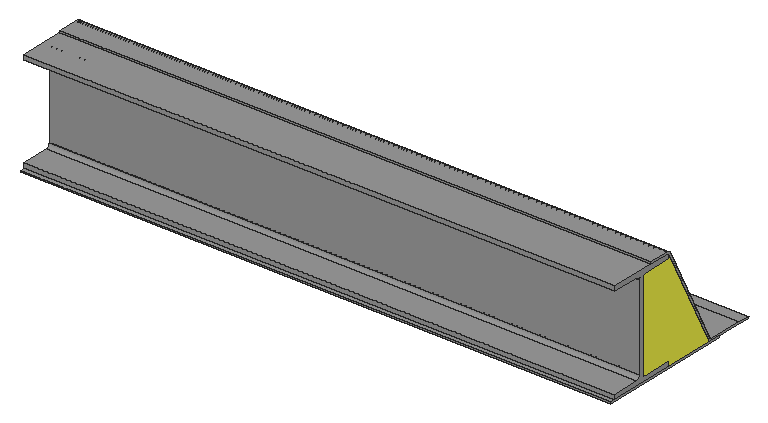
Revit family "XK 110 WIL", category Generic Models, Revit 2014
Parameters (values of type "Max lintel length 6600mm")
  URL = "http://www.keystonelintels.co.uk"
  Structural Opening [instance] = 900 mm
  Structural Performance = "The Keystone lintel range has safe working loads as detailed in each applicable loading table in the Keystone Lintel Guide brochure. The structural performance figures within each table have been ascertained by testing in accordance with the requirements of standards BS EN 5977-2: 1983 and BS EN 845-2: 2003."
  RIBA Productor Selector = "available for Keystone Lintels Ltd from Keystone Lintels Ltd from ribaproductselector.com"
  Model = "X/K 110 WIL"
  Min Length = 600 mm
  Min Clear Span = 300 mm
  Max Length = 6600 mm
  Max Clear Span = 6600 mm
  Material - Stainless Steel = "Grade 304 2b 1.4307 to BS EN 10088-2. Other grades available on request: contact manufacturer."
  Material - Galvanised Steel = "To BS EN 10346: 2009. DX51D plus Z600 or grade Z275 to BS 5977-2: 1983 (BS EN 845-2: 2003)."
  Manufacturer = "Keystone"
  Manufactured Length [instance] = (roundup(Effective Length / 150 mm) * 150 mm)  # 1200 mm
  Lintel height [instance] = 2100 mm
  Keynote = "F30/755"
  Fire Performance = "Keystone lintels have been subjected to a fire test (WARRES No. 101263) in accordance with BS 476-20: 1987, at Exova Warrington Fire and achieved a one hour fire performance."
  End Bearing = 150 mm
  Effective Length [instance] = Clear Opening with MIN MAX set + End Bearing * 2  # 1200 mm
  Corrosion = "Keystone’s standard range of lintels are manufactured from high quality grade pre-galvanized carbon steel with a zinc coating of 600"
  Contact Tel = "+44 (0)28 8676 2184"
  Contact Email = "info@keystonelintels.co.uk"
  Clear Opening with MIN MAX set [instance] = if(Structural Opening < Min Clear Span, Min Clear Span, (if(Structural Opening > Max Clear Span, Max Clear Span, Structural Opening)))  # 900 mm
  CPD Information = "Available for Keystone Lintels Ltd from ribacpd.com"
Reference planes
  plane 1 "Center (Front/Back)": y = 0
  plane 2: z = 0
  plane 3 "Center (Left/Right)": x = 0
  plane 4: x = -600
  plane 5: x = 600
  plane 6: z = 2100
  plane 7: x = -450
  plane 8: x = 450
Forms (mm)
  Extrusion 1, solid, material "Steel"
    sketch origin (0, 693.503, -506.841) x (0, 1, 0) y (0, 0, 1)
      loop
        line (-567.567, 2606.841) -> (-542.581, 2605.979) -> (-542.526, 2609.179) -> (-567.492, 2610.04) -> (-637.635, 2610.041)
        arc (-637.635, 2610.041) -> (-638.643, 2610.35) -> (-639.305, 2611.17) r 1.8
        line (-639.305, 2611.17) -> (-741.76, 2813.743)
        arc (-741.76, 2813.743) -> (-743.678, 2815.998) -> (-746.516, 2816.841) r 5.2
        line (-746.516, 2816.841) -> (-790.516, 2816.841) -> (-790.516, 2813.641) -> (-746.516, 2813.641)
        arc (-746.516, 2813.641) -> (-745.469, 2813.345) -> (-744.731, 2812.544) r 2
        line (-744.731, 2812.544) -> (-642.274, 2609.976)
        arc (-642.274, 2609.976) -> (-640.435, 2607.698) -> (-637.635, 2606.841) r 5
        line (-637.635, 2606.841) -> (-567.567, 2606.841)
    from -600 to 600
  Extrusion 2, solid, material "Steel"
    sketch origin (0, 693.503, -506.841) x (0, 1, 0) y (0, 0, 1)
      loop
        line (-747.546, 2813.641) -> (-881.446, 2813.641) -> (-881.446, 2804.041) -> (-825.296, 2804.041)
        arc (-825.296, 2804.041) -> (-819.922, 2801.815) -> (-817.696, 2796.441) r 7.6
        line (-817.696, 2796.441) -> (-817.696, 2624.041)
        arc (-817.696, 2624.041) -> (-819.922, 2618.667) -> (-825.296, 2616.441) r 7.6
        line (-825.296, 2616.441) -> (-881.446, 2616.441) -> (-881.446, 2606.841) -> (-747.546, 2606.841) -> (-747.546, 2616.441) -> (-803.696, 2616.441)
        arc (-803.696, 2616.441) -> (-809.07, 2618.667) -> (-811.296, 2624.041) r 7.6
        line (-811.296, 2624.041) -> (-811.296, 2796.441)
        arc (-811.296, 2796.441) -> (-809.07, 2801.815) -> (-803.696, 2804.041) r 7.6
        line (-803.696, 2804.041) -> (-747.546, 2804.041) -> (-747.546, 2813.641)
    from -600 to 600
  Extrusion 3, solid, material "Steel"
    sketch origin (0, 693.503, -506.841) x (0, 1, 0) y (0, 0, 1)
      loop
        line (-616.446, 2606.841) -> (-891.446, 2606.841) -> (-891.446, 2603.641) -> (-616.446, 2603.641) -> (-616.446, 2606.841)
    from -600 to 600
  Extrusion 4, solid, material "Insulation"
    sketch origin (0, 693.503, -506.841) x (0, 1, 0) y (0, 0, 1)
      loop
        arc (-637.635, 2606.841) -> (-640.435, 2607.698) -> (-642.274, 2609.976) r 5
        line (-642.274, 2609.976) -> (-744.731, 2812.544)
        arc (-744.731, 2812.544) -> (-745.469, 2813.345) -> (-746.516, 2813.641) r 2
        line (-746.516, 2813.641) -> (-747.546, 2813.641) -> (-747.546, 2804.041) -> (-803.696, 2804.041)
        arc (-803.696, 2804.041) -> (-809.07, 2801.815) -> (-811.296, 2796.441) r 7.6
        line (-811.296, 2796.441) -> (-811.296, 2624.041)
        arc (-811.296, 2624.041) -> (-809.07, 2618.667) -> (-803.696, 2616.441) r 7.6
        line (-803.696, 2616.441) -> (-747.546, 2616.441) -> (-747.546, 2606.841) -> (-637.635, 2606.841)
    from -600 to 600
  Extrusion 5, solid, not visible
    sketch origin (0, 852.279, 1125.565) x (0, 1, 0) y (0, 0, 1)
      loop
        line (-567.567, 1006.841) -> (-542.581, 1005.979) -> (-542.526, 1009.179) -> (-567.492, 1010.04) -> (-637.635, 1010.041)
        arc (-637.635, 1010.041) -> (-638.643, 1010.35) -> (-639.305, 1011.17) r 1.8
        line (-639.305, 1011.17) -> (-741.76, 1213.743)
        arc (-741.76, 1213.743) -> (-743.678, 1215.998) -> (-746.516, 1216.841) r 5.2
        line (-746.516, 1216.841) -> (-790.516, 1216.841) -> (-790.516, 1213.641) -> (-746.516, 1213.641)
        arc (-746.516, 1213.641) -> (-745.469, 1213.345) -> (-744.731, 1212.544) r 2
        line (-744.731, 1212.544) -> (-642.274, 1009.976)
        arc (-642.274, 1009.976) -> (-640.435, 1007.698) -> (-637.635, 1006.841) r 5
        line (-637.635, 1006.841) -> (-567.567, 1006.841)
    from 0 to 250
  Extrusion 6, solid, not visible
    sketch origin (0, 674.382, 1278.627) x (0, 1, 0) y (0, 0, 1)
      loop
        line (-747.546, 1213.641) -> (-881.446, 1213.641) -> (-881.446, 1204.041) -> (-825.296, 1204.041)
        arc (-825.296, 1204.041) -> (-819.922, 1201.815) -> (-817.696, 1196.441) r 7.6
        line (-817.696, 1196.441) -> (-817.696, 1024.041)
        arc (-817.696, 1024.041) -> (-819.922, 1018.667) -> (-825.296, 1016.441) r 7.6
        line (-825.296, 1016.441) -> (-881.446, 1016.441) -> (-881.446, 1006.841) -> (-747.546, 1006.841) -> (-747.546, 1016.441) -> (-803.696, 1016.441)
        arc (-803.696, 1016.441) -> (-809.07, 1018.667) -> (-811.296, 1024.041) r 7.6
        line (-811.296, 1024.041) -> (-811.296, 1196.441)
        arc (-811.296, 1196.441) -> (-809.07, 1201.815) -> (-803.696, 1204.041) r 7.6
        line (-803.696, 1204.041) -> (-747.546, 1204.041) -> (-747.546, 1213.641)
    from 0 to 250
  Extrusion 7, solid, not visible
    sketch origin (0, 1049.069, 971.714) x (0, 1, 0) y (0, 0, 1)
      loop
        line (-616.446, 1006.841) -> (-891.446, 1006.841) -> (-891.446, 1003.641) -> (-616.446, 1003.641) -> (-616.446, 1006.841)
    from 0 to 250
  Extrusion 8, solid, not visible
    sketch origin (0, 531.248, 797.578) x (0, 1, 0) y (0, 0, 1)
      loop
        arc (-637.635, 1006.841) -> (-640.435, 1007.698) -> (-642.274, 1009.976) r 5
        line (-642.274, 1009.976) -> (-744.731, 1212.544)
        arc (-744.731, 1212.544) -> (-745.469, 1213.345) -> (-746.516, 1213.641) r 2
        line (-746.516, 1213.641) -> (-747.546, 1213.641) -> (-747.546, 1204.041) -> (-803.696, 1204.041)
        arc (-803.696, 1204.041) -> (-809.07, 1201.815) -> (-811.296, 1196.441) r 7.6
        line (-811.296, 1196.441) -> (-811.296, 1024.041)
        arc (-811.296, 1024.041) -> (-809.07, 1018.667) -> (-803.696, 1016.441) r 7.6
        line (-803.696, 1016.441) -> (-747.546, 1016.441) -> (-747.546, 1006.841) -> (-637.635, 1006.841)
    from 0 to 250
Dimensions and locks
  equal spacing: plane 4, plane 3 "Center (Left/Right)", plane 5
  "Manufactured Length": plane 4 to plane 5
  "Lintel height": plane 6 to level
  "Structural Opening": plane 7 to plane 8
  equal spacing: plane 7, plane 3 "Center (Left/Right)", plane 8
  aligned and locked: level to plane 2
  aligned and locked: Extrusion 1 to plane 6
  aligned and locked: Extrusion 4 to plane 6
  aligned and locked: Extrusion 2 to plane 6
  aligned and locked: plane 6 to Extrusion 3
  aligned and locked: plane 5 to Extrusion 2
  aligned and locked: Extrusion 2 to plane 4
  aligned and locked: plane 5 to Extrusion 3
  aligned and locked: Extrusion 3 to plane 4
  aligned and locked: plane 5 to Extrusion 1
  aligned and locked: Extrusion 1 to plane 4
  aligned and locked: plane 5 to Extrusion 4
  aligned and locked: Extrusion 4 to plane 4
Automatic sketch dimensions
  Extrusion 1 sketch curve to Extrusion 1 sketch curve = 24.985 mm
  Extrusion 1 sketch curve to Extrusion 1 sketch curve = 0.055 mm
  Extrusion 1 sketch curve to Extrusion 1 sketch curve = 0.862 mm
  Extrusion 1 sketch curve to Extrusion 1 sketch curve = 3.2 mm  (x2)
  Extrusion 1 sketch curve to Extrusion 1 sketch curve = 0.074 mm
  Extrusion 1 sketch curve to Extrusion 1 sketch curve = 3.199 mm
  Extrusion 1 sketch curve to Extrusion 1 sketch curve = 70.069 mm
  Extrusion 1 sketch curve to Extrusion 1 sketch curve = 0 mm  (x7)
  Extrusion 1 sketch curve to Extrusion 1 sketch curve = 1.8 mm
  Extrusion 1 sketch curve to Extrusion 1 sketch curve = 4.639 mm
  Extrusion 1 sketch curve to Extrusion 1 sketch curve = 1.67 mm
  Extrusion 1 sketch curve to Extrusion 1 sketch curve = 99.486 mm
  Extrusion 1 sketch curve to Extrusion 1 sketch curve = 203.768 mm
  Extrusion 1 sketch curve to Extrusion 1 sketch curve = 2.971 mm
  Extrusion 1 sketch curve to Extrusion 1 sketch curve = 1.2 mm
  Extrusion 1 sketch curve to Extrusion 1 sketch curve = 1.785 mm
  Extrusion 1 sketch curve to Extrusion 1 sketch curve = 0.903 mm
  Extrusion 1 sketch curve to Extrusion 1 sketch curve = 44 mm
  Extrusion 2 sketch curve to Extrusion 2 sketch curve = 133.9 mm
  Extrusion 2 sketch curve to Extrusion 2 sketch curve = 9.6 mm  (x2)
  Extrusion 2 sketch curve to Extrusion 2 sketch curve = 56.15 mm  (x3)
  Extrusion 2 sketch curve to Extrusion 2 sketch curve = 7.6 mm  (x4)
  Extrusion 2 sketch curve to Extrusion 2 sketch curve = 14 mm
  Extrusion 2 sketch curve to Extrusion 2 sketch curve = 0 mm  (x2)
  Extrusion 2 sketch curve to Extrusion 2 sketch curve = 172.4 mm
  Extrusion 3 sketch curve to Extrusion 3 sketch curve = 3.2 mm
  Extrusion 3 sketch curve to Extrusion 3 sketch curve = 275 mm
  Extrusion 4 sketch curve to Extrusion 4 sketch curve = 109.911 mm
  Extrusion 4 sketch curve to Extrusion 4 sketch curve = 56.15 mm
  Extrusion 4 sketch curve to Extrusion 4 sketch curve = 7.6 mm  (x3)
  Extrusion 4 sketch curve to Extrusion 4 sketch curve = 172.4 mm
  Extrusion 4 sketch curve to Extrusion 4 sketch curve = 0 mm
  Extrusion 4 sketch curve to Extrusion 4 sketch curve = 5 mm
  Extrusion 4 sketch curve to Extrusion 4 sketch curve = 4.639 mm
  Extrusion 4 sketch curve to Extrusion 4 sketch curve = 1.785 mm
  Extrusion 4 sketch curve to Extrusion 4 sketch curve = 0.903 mm
  Extrusion 4 sketch curve to Extrusion 4 sketch curve = 63.75 mm
  Extrusion 4 sketch curve to Extrusion 4 sketch curve = 1.03 mm
  Extrusion 4 sketch curve to Extrusion 4 sketch curve = 9.6 mm
  Extrusion 4 sketch curve to Extrusion 4 sketch curve = 3.135 mm
  Extrusion 5 sketch curve to Extrusion 5 sketch curve = 24.985 mm
  Extrusion 5 sketch curve to Extrusion 5 sketch curve = 0.055 mm
  Extrusion 5 sketch curve to Extrusion 5 sketch curve = 0.862 mm
  Extrusion 5 sketch curve to Extrusion 5 sketch curve = 3.2 mm  (x2)
  Extrusion 5 sketch curve to Extrusion 5 sketch curve = 0.074 mm
  Extrusion 5 sketch curve to Extrusion 5 sketch curve = 3.199 mm
  Extrusion 5 sketch curve to Extrusion 5 sketch curve = 70.069 mm
  Extrusion 5 sketch curve to Extrusion 5 sketch curve = 0 mm  (x7)
  Extrusion 5 sketch curve to Extrusion 5 sketch curve = 1.8 mm
  Extrusion 5 sketch curve to Extrusion 5 sketch curve = 4.639 mm
  Extrusion 5 sketch curve to Extrusion 5 sketch curve = 1.67 mm
  Extrusion 5 sketch curve to Extrusion 5 sketch curve = 99.486 mm
  Extrusion 5 sketch curve to Extrusion 5 sketch curve = 203.768 mm
  Extrusion 5 sketch curve to Extrusion 5 sketch curve = 2.971 mm
  Extrusion 5 sketch curve to Extrusion 5 sketch curve = 1.2 mm
  Extrusion 5 sketch curve to Extrusion 5 sketch curve = 1.785 mm
  Extrusion 5 sketch curve to Extrusion 5 sketch curve = 0.903 mm
  Extrusion 5 sketch curve to Extrusion 5 sketch curve = 44 mm
  Extrusion 6 sketch curve to Extrusion 6 sketch curve = 133.9 mm
  Extrusion 6 sketch curve to Extrusion 6 sketch curve = 9.6 mm  (x2)
  Extrusion 6 sketch curve to Extrusion 6 sketch curve = 56.15 mm  (x3)
  Extrusion 6 sketch curve to Extrusion 6 sketch curve = 7.6 mm  (x4)
  Extrusion 6 sketch curve to Extrusion 6 sketch curve = 14 mm
  Extrusion 6 sketch curve to Extrusion 6 sketch curve = 0 mm  (x2)
  Extrusion 6 sketch curve to Extrusion 6 sketch curve = 172.4 mm
  Extrusion 7 sketch curve to Extrusion 7 sketch curve = 3.2 mm
  Extrusion 7 sketch curve to Extrusion 7 sketch curve = 275 mm
  Extrusion 8 sketch curve to Extrusion 8 sketch curve = 109.911 mm
  Extrusion 8 sketch curve to Extrusion 8 sketch curve = 56.15 mm
  Extrusion 8 sketch curve to Extrusion 8 sketch curve = 7.6 mm  (x3)
  Extrusion 8 sketch curve to Extrusion 8 sketch curve = 172.4 mm
  Extrusion 8 sketch curve to Extrusion 8 sketch curve = 0 mm
  Extrusion 8 sketch curve to Extrusion 8 sketch curve = 5 mm
  Extrusion 8 sketch curve to Extrusion 8 sketch curve = 4.639 mm
  Extrusion 8 sketch curve to Extrusion 8 sketch curve = 1.785 mm
  Extrusion 8 sketch curve to Extrusion 8 sketch curve = 0.903 mm
  Extrusion 8 sketch curve to Extrusion 8 sketch curve = 63.75 mm
  Extrusion 8 sketch curve to Extrusion 8 sketch curve = 1.03 mm
  Extrusion 8 sketch curve to Extrusion 8 sketch curve = 9.6 mm
  Extrusion 8 sketch curve to Extrusion 8 sketch curve = 3.135 mm
  Extrusion 3 sketch curve to plane 6 = 0 mm
  plane 1 "Center (Front/Back)" to Extrusion 3 sketch curve = 197.943 mm
  Extrusion 2 sketch curve to plane 6 = 0 mm
  plane 1 "Center (Front/Back)" to Extrusion 2 sketch curve = 187.943 mm
  Extrusion 4 sketch curve to plane 6 = 0 mm
  plane 1 "Center (Front/Back)" to Extrusion 4 sketch curve = 117.793 mm
  Extrusion 1 sketch curve to plane 6 = 0 mm
  plane 1 "Center (Front/Back)" to Extrusion 1 sketch curve = 97.013 mm
